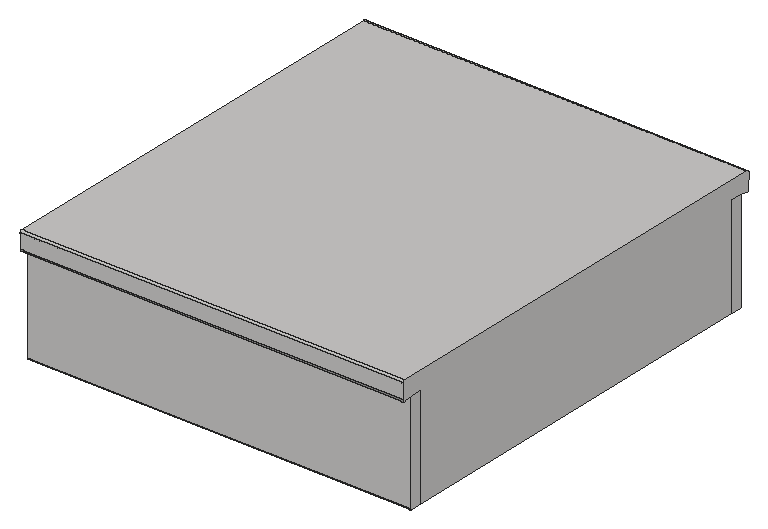
Revit family "QF_ELECTROLUXPROFESSIONAL_589164_MCNABAHOOO", category Specialty Equipment, Revit 2023
Family settings
  Round Connector Dimension = Use Diameter
  Part Type = Normal
  Work Plane-Based = No
  Enable Cutting in Views = No
  Always vertical = Yes
  Cut with Voids When Loaded = No
  Maintain Annotation Orientation = No
  Shared = No
  Room Calculation Point = No
Parameters
  Weight in Pounds = 66.13
  Weight = 30.00 kg
  Watts = 0 W
  URL Manufacturer = "http://www.electroluxprofessional.com"
  URL Cutsheet = "www.electrolux.com/professional"
  URL = "http://www.electroluxprofessional.com"
  Type Mark [instance] = ""
  Status [instance] = ""
  Specification by User [instance] = ""
  Specification by Manufacturer = ""
  Serial Number = ""
  Seismic Rating = ""
  SMACNA No = ""
  Revision Code [instance] = ""
  Omniclass Number and Title = ""
  NAFEM Spec ID Number = ""
  Model = "MCNABAHOOO"
  Masterspec = ""
  Manufacturer = "Electrolux Professional"
  Length Actual = 800.00 mm
  Item Number [instance] = "589164"
  Installed By [instance] = ""
  Identify Quantity as Lot [instance] = yes
  Height Actual = 250.00 mm
  HP = "0 HP"
  Gas KW = 0
  Furnished By [instance] = ""
  Foodservice Equipment Identifier [instance] = yes
  Direct Waste Size = 0"
  Description = "WORK TOP,CLOSED,1-SIDE,800X900X250H"
  Depth Actual = 900.00 mm
  Default Elevation = 0.00 mm
  CSI MasterFormat = ""
  CSI Master Format = ""
  Accessory = no
Reference planes
  plane 1 "BACK": y = 0
  plane 2: z = 0
  plane 3 "LEFT": x = 0
  plane 4 "RIGHT": x = 800
  plane 5 "FRONT": y = -900
  plane 6 "TOP": z = 250
  plane 7 "Center Y": x = 400
  plane 8 "Center X": y = -450
Forms (mm)
  Extrusion 1, solid, material "QF_Finishes_Stainless Steel"
    sketch origin (0, 50.048, 0) x (0, 1, 0) y (0, 0, 1)
      loop
        line (-95.048, 213) -> (-71.412, 213) -> (-54.743, 210.061)
        arc (-54.743, 210.061) -> (-51.477, 210.936) -> (-50.048, 214) r 4
        line (-50.048, 214) -> (-50.048, 246)
        arc (-50.048, 246) -> (-51.22, 248.828) -> (-54.048, 250) r 4
        line (-54.048, 250) -> (-946.048, 250)
        arc (-946.048, 250) -> (-948.877, 248.828) -> (-950.048, 246) r 4
        line (-950.048, 246) -> (-950.048, 214)
        arc (-950.048, 214) -> (-948.619, 210.936) -> (-945.353, 210.061) r 4
        line (-945.353, 210.061) -> (-928.509, 213) -> (-905.048, 213) -> (-905.048, 0) -> (-95.048, 0) -> (-95.048, 213)
    from 0 to 800
  Extrusion 2, solid, material "QF_Finishes_Stainless Steel"
    sketch origin (0, 50.048, 0) x (0, 1, 0) y (0, 0, 1)
      loop
        arc (-928.048, 213) -> (-929.462, 212.414) -> (-930.048, 211) r 2
        line (-930.048, 211) -> (-930.048, 2)
        arc (-930.048, 2) -> (-929.462, 0.586) -> (-928.048, 0) r 2
        line (-928.048, 0) -> (-905.048, 0) -> (-905.048, 213) -> (-928.048, 213)
      loop
        line (-72.048, 213) -> (-95.048, 213) -> (-95.048, 0) -> (-72.048, 0)
        arc (-72.048, 0) -> (-70.634, 0.586) -> (-70.048, 2) r 2
        line (-70.048, 2) -> (-70.048, 211)
        arc (-70.048, 211) -> (-70.634, 212.414) -> (-72.048, 213) r 2
    from 0 to 800
Lines and regions (mm)
  symbolic lines
    curve 1: line (0, 0, 0) -> (800, 0, 0)
    curve 2: line (0, -900, 0) -> (0, 0, 0)
    curve 3: line (800, -900, 0) -> (0, -900, 0)
    curve 4: line (800, 0, 0) -> (800, -900, 0)
Dimensions and locks
  equal spacing: plane 3 "LEFT", plane 7 "Center Y", plane 4 "RIGHT"
  plane 3 "LEFT" to plane 4 "RIGHT" = 800.00 mm
  equal spacing: plane 5 "FRONT", plane 8 "Center X", plane 1 "BACK"
  plane 5 "FRONT" to plane 1 "BACK" = 900.00 mm
  plane 6 "TOP" to level = 250.00 mm
  aligned and locked: level to plane 2
  aligned and locked: Extrusion 1 to plane 4 "RIGHT"
  aligned and locked: Extrusion 2 to plane 4 "RIGHT"
Automatic sketch dimensions
  Extrusion 1 sketch curve to plane 6 "TOP" = 0.00 mm
  Extrusion 1 sketch curve to level = 0.00 mm
  Extrusion 1 sketch curve to plane 6 "TOP" = 36.00 mm
  plane 5 "FRONT" to Extrusion 1 sketch curve = 0.00 mm
  Extrusion 1 sketch curve to plane 6 "TOP" = 39.939 mm
  Extrusion 1 sketch curve to Extrusion 1 sketch curve = 4.00 mm
  Extrusion 1 sketch curve to Extrusion 1 sketch curve = 4.695 mm  (x2)
  Extrusion 1 sketch curve to Extrusion 1 sketch curve = 16.844 mm
  Extrusion 1 sketch curve to plane 5 "FRONT" = 45.00 mm
  plane 1 "BACK" to Extrusion 1 sketch curve = 45.00 mm
  Extrusion 1 sketch curve to Extrusion 1 sketch curve = 23.636 mm
  Extrusion 1 sketch curve to Extrusion 1 sketch curve = 17.364 mm
  Extrusion 1 sketch curve to Extrusion 1 sketch curve = 21.364 mm
  Extrusion 1 sketch curve to Extrusion 1 sketch curve = 0.00 mm  (x2)
  Extrusion 1 sketch curve to Extrusion 1 sketch curve = 0.695 mm
  Extrusion 1 sketch curve to plane 6 "TOP" = 37.00 mm  (x2)
  Extrusion 1 sketch curve to Extrusion 1 sketch curve = 1.00 mm
  Extrusion 2 sketch curve to level = 0.00 mm  (x2)
  level to Extrusion 2 sketch curve = 2.00 mm  (x2)
  Extrusion 2 sketch curve to plane 5 "FRONT" = 20.00 mm
  Extrusion 2 sketch curve to Extrusion 2 sketch curve = 2.00 mm
  Extrusion 2 sketch curve to Extrusion 2 sketch curve = 23.00 mm
  plane 1 "BACK" to Extrusion 2 sketch curve = 45.00 mm
  plane 1 "BACK" to Extrusion 2 sketch curve = 22.00 mm  (x2)
  Extrusion 2 sketch curve to plane 6 "TOP" = 39.00 mm  (x2)
  curve 3 to plane 3 "LEFT" = 0.00 mm
  curve 3 to plane 4 "RIGHT" = 0.00 mm
  plane 1 "BACK" to curve 2 = 0.00 mm
  curve 4 to plane 5 "FRONT" = 0.00 mm
